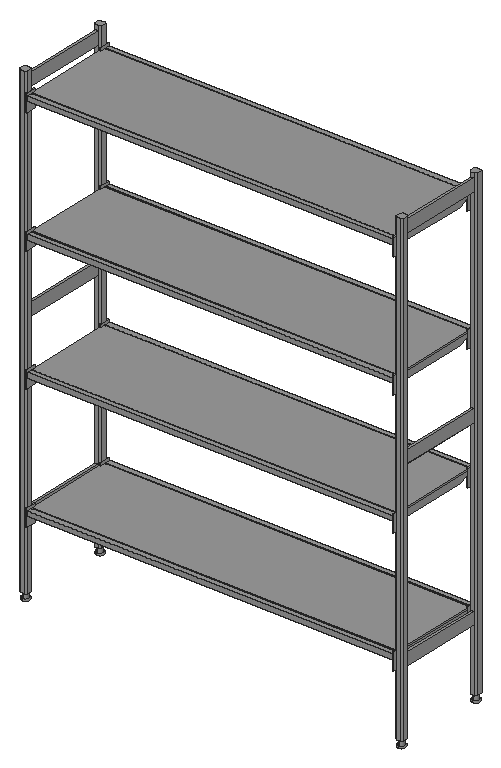
Revit family "QF_ELECTROLUXPROFESSIONAL_137017_ALS1394", category Attrezzature speciali, Revit 2020
Family settings
  Quota connettore circolare = Usa diametro
  Tipo di parte = Normale
  Basato su piano di lavoro = No
  Sempre verticale = Sì
  Taglio con vuoti quando caricato = No
  Condiviso = No
  Punto di calcolo locali = No
Parameters (values of type "Standard")
  Weight = 23.00 kg
  Watts = 0 W
  Volts = 0 V
  URL Manufacturer = "https://www.electroluxprofessional.com/"
  URL = "https://www.electroluxprofessional.com/"
  Steam Supply Size = 0 mm
  Steam Supply Minimum Pressure = 0.0 Pa
  Steam Supply Maximum Pressure = 0.0 Pa
  Steam Consumption per Hour = 0
  Refrigeration Suction Line Size = 0.0 mm
  Refrigeration Liquid Line Size = 0.0 mm
  Refrigerant Compressor Remote = yes
  Prospetto di default = 0.0 mm
  Phase = 0
  Modello = "ALS1394"
  Produttore = "Electrolux Professional"
  Length Actual = 1394.0 mm  # constant formula
  Item Number = "137017"
  Hot Water Size = 0 mm
  Height Actual = 1700.0 mm  # constant formula
  HP = "0 HP"
  Gas Size = 0 mm
  Gas KW = 0
  Gas Input Pressure = 0 W
  Direct Waste Size = 0 mm
  Descrizione = "ALUM.LINEAR SHELV.-POLY.TIERS-373X1394MM"
  Depth Actual = 373.0 mm  # constant formula
  Cycle = 0 Hz
  Condensate Return Size = 0 mm
  Compressed Air Volume = 0.0 L/s
  Compressed Air Size = 0 mm
  Compressed Air Pressure = 0.0 Pa
  Cold Water Size = 0 mm
  Accessory = yes
Reference planes
  plane 1: z = 0
  plane 2 "Center (Left/Right)": x = -31
  plane 3 "LEFT": x = -728
  plane 4 "RIGHT": x = 666
  plane 5 "BACK": y = 23
  plane 6 "FRONT": y = -350
  plane 7 "TOP": z = 1700
  plane 8: x = 661
  plane 9: x = -696
  plane 10: x = 634
  plane 11 "Center (Front/Back)": y = -163.5
  plane 12: x = 629
  plane 13: y = -8.5
  plane 14: y = -318.5
  plane 15 "FEET": z = 25
  plane 16: z = 275
  plane 17: z = 725
  plane 18: z = 1175
  plane 19: z = 1625
  plane 20 "CXLeft": x = -714
  plane 21 "CXRight": x = 652
  plane 22: y = 5.5
  plane 23 "CYBack": y = 5.5
  plane 24 "CYFront": y = -332.5
Forms (mm)
  Extrusion 1, solid, material "QF_Aluminum"
    sketch origin (-728, 0, 0) x (0, 1, 0) y (0, 0, 1)
      loop
        line (4, 1650.994) -> (4, 1632.998) -> (23, 1632.998) -> (23, 1650.994) -> (4, 1650.994)
      loop
        line (-331, 1650.994) -> (-350, 1650.994) -> (-350, 1632.998) -> (-331, 1632.998) -> (-331, 1650.994)
      loop
        line (4, 1200.994) -> (4, 1182.998) -> (23, 1182.998) -> (23, 1200.994) -> (4, 1200.994)
      loop
        line (-331, 1200.994) -> (-350, 1200.994) -> (-350, 1182.998) -> (-331, 1182.998) -> (-331, 1200.994)
      loop
        line (4, 750.994) -> (4, 732.998) -> (23, 732.998) -> (23, 750.994) -> (4, 750.994)
      loop
        line (-331, 750.994) -> (-350, 750.994) -> (-350, 732.998) -> (-331, 732.998) -> (-331, 750.994)
      loop
        line (4, 300.994) -> (4, 282.998) -> (23, 282.998) -> (23, 300.994) -> (4, 300.994)
      loop
        line (-331, 300.994) -> (-350, 300.994) -> (-350, 282.998) -> (-331, 282.998) -> (-331, 300.994)
    from 32 to 1362
  Extrusion 2, solid, material "QF_Polyethylene"
    sketch origin (-728, 0, 0) x (0, 1, 0) y (0, 0, 1)
      loop
        line (2.007, 1650.994) -> (-329, 1650.994) -> (-329, 1644.496) -> (2.007, 1644.496) -> (2.007, 1650.994)
      loop
        line (2.007, 1200.994) -> (-329, 1200.994) -> (-329, 1194.496) -> (2.007, 1194.496) -> (2.007, 1200.994)
      loop
        line (2.007, 750.994) -> (-329, 750.994) -> (-329, 744.496) -> (2.007, 744.496) -> (2.007, 750.994)
      loop
        line (2.007, 300.994) -> (-329, 300.994) -> (-329, 294.496) -> (2.007, 294.496) -> (2.007, 300.994)
    from 32 to 1362
  Extrusion 3, solid, material "QF_Aluminum"
    sketch origin (666, 0, 0) x (0, 1, 0) y (0, 0, 1)
      loop
        line (-12, 1632.998) -> (4, 1632.998) -> (4, 1650.994) -> (2.007, 1650.994) -> (2.007, 1644.496) -> (-329, 1644.496) -> (-329, 1650.994) -> (-331, 1650.994) -> (-331, 1632.998) -> (-315, 1632.998) -> (-281, 1620.994) -> (-46, 1620.994) -> (-12, 1632.998)
      loop
        line (-12, 1182.998) -> (4, 1182.998) -> (4, 1200.994) -> (2.007, 1200.994) -> (2.007, 1194.496) -> (-329, 1194.496) -> (-329, 1200.994) -> (-331, 1200.994) -> (-331, 1182.998) -> (-315, 1182.998) -> (-281, 1170.994) -> (-46, 1170.994) -> (-12, 1182.998)
      loop
        line (-12, 732.998) -> (4, 732.998) -> (4, 750.994) -> (2.007, 750.994) -> (2.007, 744.496) -> (-329, 744.496) -> (-329, 750.994) -> (-331, 750.994) -> (-331, 732.998) -> (-315, 732.998) -> (-281, 720.994) -> (-46, 720.994) -> (-12, 732.998)
      loop
        line (-12, 282.998) -> (4, 282.998) -> (4, 300.994) -> (2.007, 300.994) -> (2.007, 294.496) -> (-329, 294.496) -> (-329, 300.994) -> (-331, 300.994) -> (-331, 282.998) -> (-315, 282.998) -> (-281, 270.994) -> (-46, 270.994) -> (-12, 282.998)
    from -32 to -37
Lines and regions (mm)
  symbolic lines
    curve 1: line (634, 4, 1700) -> (-696, 4, 1700)
    curve 2: line (-700, 23, 1700) -> (638, 23, 1700)
    curve 3: line (638, 13.246, 1700) -> (644.254, 19.5, 1700)
    curve 4: line (644.254, -8.5, 1700) -> (638, -2.246, 1700)
    curve 5: line (644.254, -318.5, 1700) -> (638, -324.754, 1700)
    curve 6: line (-700, -350, 1700) -> (638, -350, 1700)
    curve 7: line (638, 23, 1700) -> (638, -12.993, 1700)
    curve 8: line (638, -12.993, 1700) -> (634, -12.993, 1700)
    curve 9: line (638, -350, 1700) -> (638, -314.007, 1700)
    curve 10: line (638, -314.007, 1700) -> (634, -314.007, 1700)
    curve 11: line (-696, -12.993, 1700) -> (-696, -314.007, 1700)
    curve 12: line (-696, -331, 1700) -> (634, -331, 1700)
    curve 13: line (634, -12.993, 1700) -> (634, -314.007, 1700)
Dimensions and locks
  locked: plane 3 "LEFT" to plane 4 "RIGHT" at 1394
  equal spacing: plane 3 "LEFT", plane 2 "Center (Left/Right)", plane 4 "RIGHT"
  locked: plane 7 "TOP" to level at 1700
  locked: plane 5 "BACK" to plane 6 "FRONT" at 373
  locked: plane 4 "RIGHT" to plane 8 at 5
  locked: plane 9 to plane 10 at 1330
  locked: plane 3 "LEFT" to plane 9 at 32
  plane 12 to plane 10 = 5.0 mm
  locked: plane 13 to plane 14 at 310
  equal spacing: plane 13, plane 11 "Center (Front/Back)", plane 14
  equal spacing: plane 5 "BACK", plane 11 "Center (Front/Back)", plane 6 "FRONT"
  plane 15 "FEET" to level = 25.0 mm
  plane 7 "TOP" to plane 15 "FEET" = 1675.0 mm
  plane 16 to plane 15 "FEET" = 250.0 mm
  plane 17 to plane 16 = 450.0 mm
  plane 18 to plane 17 = 450.0 mm
  plane 19 to plane 18 = 450.0 mm
  locked: plane 3 "LEFT" to plane 20 "CXLeft" at 14
  locked: plane 21 "CXRight" to plane 4 "RIGHT" at 14
  locked: plane 5 "BACK" to plane 23 "CYBack" at 17.5
  locked: plane 24 "CYFront" to plane 6 "FRONT" at 17.5
  aligned and locked: level to plane 1
  aligned and locked: plane 9 to Extrusion 2
  aligned and locked: Extrusion 2 to plane 10
  aligned and locked: plane 9 to Extrusion 1
  aligned and locked: Extrusion 1 to plane 10
  aligned and locked: Extrusion 1 sketch curve to Extrusion 1 sketch curve  (x2)
  aligned and locked: Extrusion 3 sketch curve to Extrusion 3 sketch curve  (x3)
  aligned and locked: Extrusion 3 to plane 12
  aligned and locked: Extrusion 3 to plane 10
  aligned and locked: plane 20 "CXLeft" to nested 1
  aligned and locked: plane 21 "CXRight" to nested 2
Automatic sketch dimensions
  Extrusion 1 sketch curve to plane 6 "FRONT" = 0.0 mm  (x4)
  Extrusion 1 sketch curve to plane 5 "BACK" = 0.0 mm  (x4)
  plane 24 "CYFront" to Extrusion 1 sketch curve = 1.5 mm  (x2)
  plane 22 to Extrusion 1 sketch curve = 1.5 mm  (x4)
  plane 16 to Extrusion 1 sketch curve = 7.998 mm  (x2)
  Extrusion 1 sketch curve to Extrusion 1 sketch curve = 17.997 mm  (x8)
  plane 17 to Extrusion 1 sketch curve = 7.998 mm  (x2)
  plane 18 to Extrusion 1 sketch curve = 7.998 mm  (x2)
  plane 19 to Extrusion 1 sketch curve = 7.998 mm  (x2)
  plane 24 "CYFront" to Extrusion 2 sketch curve = 3.5 mm  (x4)
  plane 22 to Extrusion 2 sketch curve = 3.493 mm  (x4)
  plane 16 to Extrusion 2 sketch curve = 19.496 mm
  Extrusion 2 sketch curve to Extrusion 2 sketch curve = 6.499 mm  (x4)
  plane 17 to Extrusion 2 sketch curve = 19.496 mm
  plane 18 to Extrusion 2 sketch curve = 19.496 mm
  plane 19 to Extrusion 2 sketch curve = 19.496 mm
  plane 24 "CYFront" to Extrusion 3 sketch curve = 1.5 mm  (x4)
  Extrusion 3 sketch curve to Extrusion 3 sketch curve = 2.0 mm
  plane 14 to Extrusion 3 sketch curve = 3.5 mm  (x4)
  Extrusion 3 sketch curve to plane 16 = 4.006 mm
  Extrusion 3 sketch curve to Extrusion 3 sketch curve = 34.0 mm  (x4)
  Extrusion 3 sketch curve to plane 17 = 4.006 mm
  Extrusion 3 sketch curve to plane 18 = 4.006 mm
  Extrusion 3 sketch curve to plane 19 = 4.006 mm
  Extrusion 3 sketch curve to plane 13 = 37.5 mm  (x4)
  Extrusion 3 sketch curve to plane 13 = 3.5 mm  (x4)
  plane 22 to Extrusion 3 sketch curve = 3.493 mm  (x4)
  plane 22 to Extrusion 3 sketch curve = 1.5 mm  (x4)
  plane 16 to Extrusion 3 sketch curve = 7.998 mm  (x2)
  Extrusion 3 sketch curve to Extrusion 3 sketch curve = 11.498 mm  (x4)
  Extrusion 3 sketch curve to Extrusion 3 sketch curve = 6.499 mm  (x8)
  plane 17 to Extrusion 3 sketch curve = 7.998 mm  (x2)
  plane 18 to Extrusion 3 sketch curve = 7.998 mm  (x2)
  plane 19 to Extrusion 3 sketch curve = 7.998 mm  (x2)
  curve 6 to plane 6 "FRONT" = 0.0 mm
  curve 12 to plane 9 = 0.0 mm
  curve 12 to plane 10 = 0.0 mm
  curve 5 to plane 14 = 0.0 mm
  curve 11 to plane 9 = 0.0 mm
  curve 8 to plane 10 = 0.0 mm
  curve 4 to plane 13 = 0.0 mm
  curve 1 to plane 9 = 0.0 mm
  curve 1 to plane 10 = 0.0 mm
  curve 2 to plane 5 "BACK" = 0.0 mm
  plane 14 to curve 10 = 4.493 mm
  curve 7 to plane 13 = 4.493 mm
  curve 10 to plane 10 = 4.0 mm
  curve 7 to plane 10 = 4.0 mm
  plane 24 "CYFront" to curve 12 = 1.5 mm
  curve 5 to plane 14 = 6.254 mm
  plane 14 to curve 11 = 4.493 mm
  curve 11 to plane 13 = 4.493 mm
  plane 13 to curve 4 = 6.254 mm
  plane 22 to curve 1 = 1.5 mm
  curve 3 to plane 22 = 7.746 mm
  curve 3 to plane 5 "BACK" = 3.5 mm
  curve 5 to curve 9 = 6.254 mm
  curve 3 to curve 2 = 6.254 mm
  curve 4 to curve 7 = 6.254 mm
  plane 9 to curve 2 = 4.0 mm
  plane 9 to curve 6 = 4.0 mm
Nested families
  nested 1: "WT_Anta373" at (-311, 0, 0), type "WT_Anta373"
  nested 2: "WT_Anta373" at (249, 0, 0) x (-1, 0, 0) z (0, 0, 1), type "WT_Anta373"
Definition of nested family "WT_Anta373"
  Parameters
    WidthLeft = A + 64.0 mm  # 772.0 mm
    Width = 1606.0 mm
    Right = WidthLeft / 2  # 386.0 mm
    Default Elevation = 0.0 mm
    Left = -WidthLeft / 2  # -386.0 mm
    Height = 1725.0 mm
    FEET = 25.0 mm
    E = 0.0 mm
    Dint = Depth - 63.0 mm  # 310.0 mm
    Dext = Depth - 8.0 mm  # 365.0 mm
    Depth = 373.0 mm
    DX = (WidthLeft - A) / 2  # 32.0 mm
    B = 798.0 mm
    A = 708.0 mm
  Reference planes
    plane 1: z = 0
    plane 2 "LEFT": x = -417
    plane 3 "BACK": y = 23
    plane 4 "FRONT": y = -350
    plane 5 "TOP": z = 1725
    plane 6 "Center (Front/Back)": y = -163.5
    plane 7: y = -8.5
    plane 8: y = -318.5
    plane 9 "FEET": z = 25
    plane 10: z = 275
    plane 11: z = 725
    plane 12: z = 1175
    plane 13: z = 1625
    plane 14 "CXLeft": x = -403
    plane 15: y = 5.5
    plane 16 "CYBack": y = 5.5
    plane 17 "CYFront": y = -332.5
    plane 18: x = -385.031
    plane 19: x = -380.031
  Forms (mm)
    Extrusion 1, solid
      sketch origin (0, 0, 0) x (1, 0, 0) y (0, 1, 0)
        loop
          line (-417, 13.246) -> (-417, -2.246) -> (-410.746, -8.5) -> (-395.254, -8.5) -> (-389, -2.246) -> (-389, 13.246) -> (-395.254, 19.5) -> (-410.746, 19.5) -> (-417, 13.246)
      from 1725 to 25
    Extrusion 2, solid
      sketch origin (-417, 0, 0) x (0, 1, 0) y (0, 0, 1)
        loop
          line (23, 246.005) -> (23, 307.993) -> (-12.993, 307.993) -> (-12.993, 246.005) -> (23, 246.005)
        loop
          line (-350, 246.005) -> (-314.007, 246.005) -> (-314.007, 307.993) -> (-350, 307.993) -> (-350, 246.005)
        loop
          line (23, 696.005) -> (23, 757.993) -> (-12.993, 757.993) -> (-12.993, 696.005) -> (23, 696.005)
        loop
          line (-350, 696.005) -> (-314.007, 696.005) -> (-314.007, 757.993) -> (-350, 757.993) -> (-350, 696.005)
        loop
          line (23, 1146.005) -> (23, 1207.993) -> (-12.993, 1207.993) -> (-12.993, 1146.005) -> (23, 1146.005)
        loop
          line (-350, 1146.005) -> (-314.007, 1146.005) -> (-314.007, 1207.993) -> (-350, 1207.993) -> (-350, 1146.005)
        loop
          line (23, 1596.005) -> (23, 1657.993) -> (-12.993, 1657.993) -> (-12.993, 1596.005) -> (23, 1596.005)
        loop
          line (-350, 1596.005) -> (-314.007, 1596.005) -> (-314.007, 1657.993) -> (-350, 1657.993) -> (-350, 1596.005)
      from 28 to 32
    Revolve 3, solid
      sketch origin (-403, 0, 0) x (0, 1, 0) y (0, 0, 1)
        loop
          line (5.5, 25) -> (5.5, 0) -> (19, 0) -> (19, 5) -> (14, 5) -> (14, 25) -> (5.5, 25)
        axis (5.5, 25) -> (5.5, 0)
      angle from 0 to 360
    Extrusion 4, solid
      sketch origin (-403, 0, 0) x (0, 1, 0) y (0, 0, 1)
        loop
          line (-8.5, 912.382) -> (-8.5, 957.374) -> (-318.5, 957.374) -> (-318.5, 912.382) -> (-8.5, 912.382)
        loop
          line (-8.5, 1662.244) -> (-8.5, 1707.236) -> (-318.5, 1707.236) -> (-318.5, 1662.244) -> (-8.5, 1662.244)
      from -5 to 5
    Revolve 5, solid
      sketch origin (-403, -627, 0) x (0, -1, 0) y (0, 0, 1)
        loop
          line (-294.5, 25) -> (-294.5, 0) -> (-281, 0) -> (-281, 5) -> (-286, 5) -> (-286, 25) -> (-294.5, 25)
        axis (-294.5, 25) -> (-294.5, 0)
      angle from 0 to 360
    Extrusion 6, solid
      sketch origin (0, -627, 0) x (1, 0, 0) y (0, 1, 0)
        loop
          line (-417, 286.754) -> (-410.746, 280.5) -> (-395.254, 280.5) -> (-389, 286.754) -> (-389, 302.246) -> (-395.254, 308.5) -> (-410.746, 308.5) -> (-417, 302.246) -> (-417, 286.754)
      from 1725 to 25
    Extrusion 7, solid
      sketch origin (-417.031, -0.022, 0) x (0, 1, 0) y (0, 0, -1)
        loop
          line (-12, -1632.998) -> (-46, -1620.994) -> (-281, -1620.994) -> (-315, -1632.998) -> (-331, -1632.998) -> (-331, -1650.994) -> (-329, -1650.994) -> (-329, -1644.496) -> (2.007, -1644.496) -> (2.007, -1650.994) -> (4, -1650.994) -> (4, -1632.998) -> (-12, -1632.998)
        loop
          line (-12, -1182.998) -> (-46, -1170.994) -> (-281, -1170.994) -> (-315, -1182.998) -> (-331, -1182.998) -> (-331, -1200.994) -> (-329, -1200.994) -> (-329, -1194.496) -> (2.007, -1194.496) -> (2.007, -1200.994) -> (4, -1200.994) -> (4, -1182.998) -> (-12, -1182.998)
        loop
          line (-12, -732.998) -> (-46, -720.994) -> (-281, -720.994) -> (-315, -732.998) -> (-331, -732.998) -> (-331, -750.994) -> (-329, -750.994) -> (-329, -744.496) -> (2.007, -744.496) -> (2.007, -750.994) -> (4, -750.994) -> (4, -732.998) -> (-12, -732.998)
        loop
          line (-12, -282.998) -> (-46, -270.994) -> (-281, -270.994) -> (-315, -282.998) -> (-331, -282.998) -> (-331, -300.994) -> (-329, -300.994) -> (-329, -294.496) -> (2.007, -294.496) -> (2.007, -300.994) -> (4, -300.994) -> (4, -282.998) -> (-12, -282.998)
      from -32 to -37
    Extrusion 8, solid
      sketch origin (-403, 0, -659.878) x (0, 1, 0) y (0, 0, 1)
        loop
          line (-8.5, 912.382) -> (-8.5, 957.374) -> (-318.5, 957.374) -> (-318.5, 912.382) -> (-8.5, 912.382)
        loop
          line (-8.5, 1572.382) -> (-8.5, 1617.374) -> (-318.5, 1617.374) -> (-318.5, 1572.382) -> (-8.5, 1572.382)
        loop
          line (-8.5, 2322.382) -> (-8.5, 2367.374) -> (-318.5, 2367.374) -> (-318.5, 2322.382) -> (-8.5, 2322.382)
      from -5 to 5
  Lines and regions (mm)
    symbolic lines
      curve 1: line (-408, -8.5, 1725) -> (-408, -318.5, 1725)
      curve 2: line (-398, -318.5, 1725) -> (-398, -8.5, 1725)
      curve 3: line (-395.254, -8.5, 1725) -> (-410.746, -8.5, 1725)
      curve 4: line (-417, -2.246, 1725) -> (-410.746, -8.5, 1725)
      curve 5: line (-417, 13.246, 1725) -> (-417, -2.246, 1725)
      curve 6: line (-410.746, 19.5, 1725) -> (-417, 13.246, 1725)
      curve 7: line (-395.254, 19.5, 1725) -> (-410.746, 19.5, 1725)
      curve 8: line (-389, 13.246, 1725) -> (-395.254, 19.5, 1725)
      curve 9: line (-395.254, -8.5, 1725) -> (-389, -2.246, 1725)
      curve 10: line (-395.254, -318.5, 1725) -> (-410.746, -318.5, 1725)
      curve 11: line (-417, -324.754, 1725) -> (-410.746, -318.5, 1725)
      curve 12: line (-410.746, -346.5, 1725) -> (-417, -340.246, 1725)
      curve 13: line (-395.254, -346.5, 1725) -> (-410.746, -346.5, 1725)
      curve 14: line (-389, -340.246, 1725) -> (-395.254, -346.5, 1725)
      curve 15: line (-395.254, -318.5, 1725) -> (-389, -324.754, 1725)
      curve 16: line (-389, -350, 1725) -> (-389, -314.007, 1725)
      curve 17: line (-389, -314.007, 1725) -> (-385, -314.007, 1725)
      curve 18: line (-389, 23, 1725) -> (-389, -12.993, 1725)
      curve 19: line (-389, -12.993, 1725) -> (-385, -12.993, 1725)
      curve 20: line (-417, -324.754, 1725) -> (-417, -340.246, 1725)
      curve 21: line (-385, -350, 1725) -> (-385, -314.007, 1725)
      curve 22: line (-385, -350, 1725) -> (-389, -350, 1725)
      curve 23: line (-385, 23, 1725) -> (-389, 23, 1725)
      curve 24: line (-385, -12.993, 1725) -> (-385, 23, 1725)
      curve 25: line (-385.031, -13.016, 1725) -> (-385.031, -314.029, 1725)
  Dimensions and locks
    "Height": plane 5 "TOP" to level
    "Depth": plane 3 "BACK" to plane 4 "FRONT"
    "Dint": plane 7 to plane 8
    equal spacing: plane 7, plane 6 "Center (Front/Back)", plane 8
    equal spacing: plane 3 "BACK", plane 6 "Center (Front/Back)", plane 4 "FRONT"
    plane 9 "FEET" to level = 25.0 mm
    plane 5 "TOP" to plane 9 "FEET" = 1700.0 mm
    plane 10 to plane 9 "FEET" = 250.0 mm
    plane 11 to plane 10 = 450.0 mm
    plane 12 to plane 11 = 450.0 mm
    plane 13 to plane 12 = 450.0 mm
    locked: plane 2 "LEFT" to plane 14 "CXLeft" at 14
    locked: plane 3 "BACK" to plane 16 "CYBack" at 17.5
    locked: plane 17 "CYFront" to plane 4 "FRONT" at 17.5
    locked: Revolve 3 sketch curve to Revolve 3 sketch curve at 8.5
    locked: Revolve 3 sketch curve to plane 16 "CYBack" at 13.5
    locked: Revolve 5 sketch curve to Revolve 5 sketch curve at 8.5
    aligned and locked: level to plane 1
    aligned and locked: curve 20 to Extrusion 6
    aligned and locked: plane 5 "TOP" to Extrusion 1
    aligned and locked: plane 5 "TOP" to Extrusion 6
    aligned and locked: Extrusion 7 sketch curve to Extrusion 7 sketch curve  (x3)
  Automatic sketch dimensions
    curve 16 to plane 4 "FRONT" = 0.0 mm
    curve 11 to plane 8 = 0.0 mm
    curve 9 to plane 7 = 0.0 mm
    curve 5 to plane 2 "LEFT" = 0.0 mm
    curve 23 to plane 3 "BACK" = 0.0 mm
    plane 4 "FRONT" to curve 13 = 3.5 mm
    curve 20 to plane 17 "CYFront" = 7.746 mm
    curve 20 to plane 8 = 6.254 mm
    plane 8 to curve 16 = 4.493 mm
    curve 24 to plane 18 = 0.031 mm
    curve 24 to plane 7 = 4.493 mm
    plane 7 to curve 5 = 6.254 mm
    curve 5 to plane 15 = 7.746 mm
    curve 6 to plane 3 "BACK" = 3.5 mm
    curve 21 to plane 18 = 0.031 mm
    plane 18 to curve 23 = 3.969 mm
    plane 18 to curve 16 = 3.969 mm
    curve 18 to curve 8 = 6.254 mm
    curve 18 to curve 3 = 6.254 mm
    curve 16 to curve 13 = 6.254 mm
    curve 16 to curve 15 = 6.254 mm
    plane 2 "LEFT" to curve 10 = 6.254 mm
    plane 2 "LEFT" to curve 7 = 6.254 mm
    plane 2 "LEFT" to curve 12 = 6.254 mm
    plane 2 "LEFT" to curve 3 = 6.254 mm
    curve 14 to plane 17 "CYFront" = 7.746 mm
    curve 15 to plane 8 = 6.254 mm
    plane 7 to curve 9 = 6.254 mm
    curve 8 to plane 15 = 7.746 mm
    curve 3 to curve 2 = 2.746 mm
    curve 1 to curve 10 = 2.746 mm
    Extrusion 1 sketch curve to plane 2 "LEFT" = 0.0 mm
    Extrusion 1 sketch curve to plane 7 = 0.0 mm
    plane 2 "LEFT" to Extrusion 1 sketch curve = 6.254 mm  (x2)
    plane 14 "CXLeft" to Extrusion 1 sketch curve = 7.746 mm  (x2)
    Extrusion 1 sketch curve to plane 3 "BACK" = 3.5 mm
    plane 18 to Extrusion 1 sketch curve = 3.969 mm
    plane 7 to Extrusion 1 sketch curve = 6.254 mm  (x2)
    Extrusion 1 sketch curve to plane 15 = 7.746 mm  (x2)
    Extrusion 2 sketch curve to plane 4 "FRONT" = 0.0 mm  (x4)
    Extrusion 2 sketch curve to plane 3 "BACK" = 0.0 mm  (x4)
    plane 8 to Extrusion 2 sketch curve = 4.493 mm  (x4)
    Extrusion 2 sketch curve to plane 7 = 4.493 mm  (x4)
    Extrusion 2 sketch curve to plane 10 = 28.995 mm  (x2)
    plane 10 to Extrusion 2 sketch curve = 32.993 mm  (x2)
    Extrusion 2 sketch curve to plane 11 = 28.995 mm  (x2)
    plane 11 to Extrusion 2 sketch curve = 32.993 mm  (x2)
    Extrusion 2 sketch curve to plane 12 = 28.995 mm  (x2)
    plane 12 to Extrusion 2 sketch curve = 32.993 mm  (x2)
    Extrusion 2 sketch curve to plane 13 = 28.995 mm  (x2)
    plane 13 to Extrusion 2 sketch curve = 32.993 mm  (x2)
    Revolve 3 sketch curve to plane 9 "FEET" = 0.0 mm  (x2)
    Revolve 3 sketch curve to plane 15 = 0.0 mm  (x2)
    Revolve 3 sketch curve to level = 0.0 mm
    level to Revolve 3 sketch curve = 5.0 mm
    Revolve 3 sketch curve to Revolve 3 sketch curve = 11.655 mm
    Extrusion 4 sketch curve to plane 8 = 0.0 mm  (x2)
    Extrusion 4 sketch curve to plane 7 = 0.0 mm  (x2)
    plane 11 to Extrusion 4 sketch curve = 187.382 mm
    Extrusion 4 sketch curve to Extrusion 4 sketch curve = 44.992 mm
    plane 13 to Extrusion 4 sketch curve = 37.244 mm
    Extrusion 4 sketch curve to plane 5 "TOP" = 17.764 mm
    Revolve 5 sketch curve to plane 9 "FEET" = 0.0 mm  (x2)
    Revolve 5 sketch curve to plane 17 "CYFront" = 0.0 mm  (x2)
    Revolve 5 sketch curve to level = 0.0 mm
    Revolve 5 sketch curve to plane 4 "FRONT" = 4.0 mm
    Revolve 5 sketch curve to Revolve 5 sketch curve = 5.0 mm
    level to Revolve 5 sketch curve = 11.655 mm
    Extrusion 6 sketch curve to plane 2 "LEFT" = 0.0 mm
    Extrusion 6 sketch curve to plane 8 = 0.0 mm
    Extrusion 6 sketch curve to plane 2 "LEFT" = 6.254 mm  (x2)
    Extrusion 6 sketch curve to plane 14 "CXLeft" = 7.746 mm  (x2)
    Extrusion 6 sketch curve to plane 4 "FRONT" = 3.5 mm
    Extrusion 6 sketch curve to plane 18 = 3.969 mm
    plane 8 to Extrusion 6 sketch curve = 6.254 mm  (x2)
    plane 17 "CYFront" to Extrusion 6 sketch curve = 7.746 mm  (x2)
    plane 17 "CYFront" to Extrusion 7 sketch curve = 1.478 mm  (x4)
    Extrusion 7 sketch curve to Extrusion 7 sketch curve = 2.0 mm
    plane 8 to Extrusion 7 sketch curve = 3.478 mm  (x4)
    Extrusion 7 sketch curve to plane 10 = 4.006 mm
    Extrusion 7 sketch curve to Extrusion 7 sketch curve = 34.0 mm  (x4)
    Extrusion 7 sketch curve to plane 11 = 4.006 mm
    Extrusion 7 sketch curve to plane 12 = 4.006 mm
    Extrusion 7 sketch curve to plane 13 = 4.006 mm
    Extrusion 7 sketch curve to plane 7 = 37.522 mm  (x4)
    Extrusion 7 sketch curve to plane 7 = 3.522 mm  (x4)
    plane 15 to Extrusion 7 sketch curve = 3.516 mm  (x4)
    plane 15 to Extrusion 7 sketch curve = 1.522 mm  (x4)
    plane 13 to Extrusion 7 sketch curve = 7.998 mm  (x2)
    Extrusion 7 sketch curve to Extrusion 7 sketch curve = 11.498 mm
    Extrusion 7 sketch curve to Extrusion 7 sketch curve = 6.499 mm  (x5)
    plane 12 to Extrusion 7 sketch curve = 25.994 mm  (x2)
    plane 12 to Extrusion 7 sketch curve = 7.998 mm  (x2)
    plane 11 to Extrusion 7 sketch curve = 25.994 mm  (x2)
    plane 11 to Extrusion 7 sketch curve = 7.998 mm  (x2)
    plane 10 to Extrusion 7 sketch curve = 25.994 mm  (x2)
    plane 10 to Extrusion 7 sketch curve = 7.998 mm  (x2)
    curve 25 to plane 18 = 0.0 mm
    plane 8 to curve 25 = 4.471 mm
    curve 25 to plane 7 = 4.516 mm
    Extrusion 8 sketch curve to plane 8 = 0.0 mm  (x3)
    Extrusion 8 sketch curve to plane 7 = 0.0 mm  (x3)
    Extrusion 8 sketch curve to plane 10 = 22.496 mm
    plane 10 to Extrusion 8 sketch curve = 22.496 mm
    plane 11 to Extrusion 8 sketch curve = 187.504 mm
    Extrusion 8 sketch curve to Extrusion 8 sketch curve = 44.992 mm
    plane 13 to Extrusion 8 sketch curve = 37.504 mm
    Extrusion 8 sketch curve to plane 5 "TOP" = 17.504 mm
